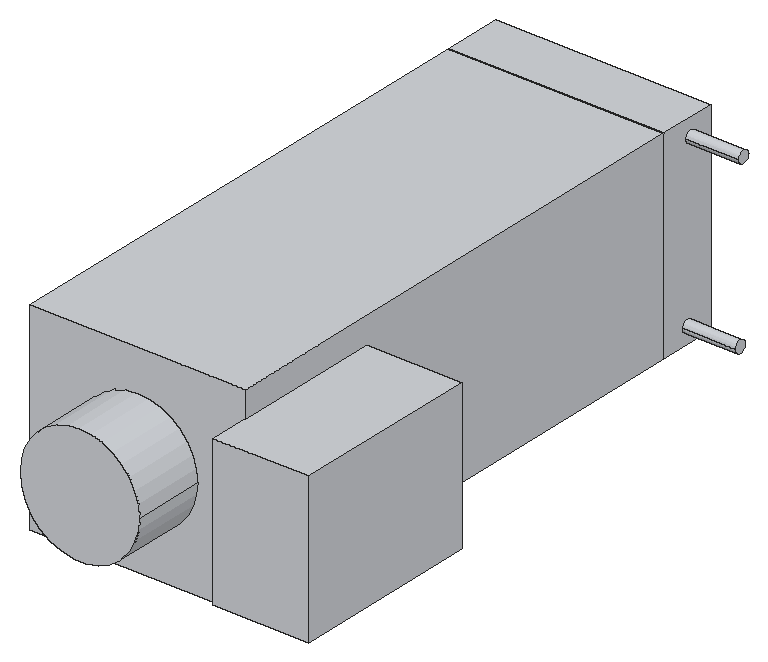
Revit family "EZTA+WITH 1 ROW HWC", category Mechanical Equipment, Revit 2018
Family settings
  Round Connector Dimension = Use Diameter
  Part Type = Normal
  OmniClass Number = 23.75.00.00
  OmniClass Title = Climate Control (HVAC)
  Work Plane-Based = No
  Always vertical = Yes
  Cut with Voids When Loaded = No
  Shared = No
  Room Calculation Point = No
Parameters (values of type "EZTA+0912 W/1 Coil RH W/RH Controller")
  Width = 1' - 4"
  URL = "https://www.anemostat-hvac.com/"
  RightController = yes
  Power Right Controller = yes
  Power Left Controller = no
  PipeVTwo = 0' - 1 1/4"
  PipeVOne = 0' - 1 1/4"
  PipeTwoRH = yes
  PipeTwoLH = no
  PipeRad = PipeDia / 2  # 0' - 0 7/16"
  PipeOneRH = yes
  PipeOneLH = no
  PipeLength = 0' - 4"
  PipeHTwo = 0' - 2 5/32"
  PipeHOne = Coil / 2.05 + Discharge  # 0' - 2.45427"
  PipeDia = 0' - 0 7/8"
  Model = "EZTA+"
  Manufacturer = "ANEMOSTAT PRODUCTS"
  Length = 3' - 3 1/2"
  LeftController = no
  Inlet_S = 0' - 5 3/8"
  InletRadius = InletDia / 2  # 0' - 4 7/16"
  InletDia = 0' - 8 7/8"
  Height = 1' - 3"
  HWCSlipDrive = 3' - 7 1/4"
  HWCOverlap = 0' - 0 5/8"
  EnslosureRear = 1' - 2 7/32"
  EnclosureWidth = 0' - 7 1/8"
  EnclosureHeight = 0' - 11 3/32"
  EnclosureFront = 0' - 3"
  EnclosureCenter = Height / 2  # 0' - 7 1/2"
  DischargeY = Height - 0' 1 1/4"  # 1' - 1 3/4"
  DischargeX = Width - 0' 1 1/4"  # 1' - 2 3/4"
  Discharge = 0' - 0 5/8"
  Description = "EZTA+ W/ Hot Water Heating Coil"
  Coil = HWCSlipDrive - Length  # 0' - 3 3/4"
Types (48): name | Width | RightController | Power Right Controller | Power Left Controller | PipeTwoRH | PipeTwoLH | PipeRad | PipeOneRH | PipeOneLH | PipeHOne | PipeDia | Model | LeftController | InletRadius | InletDia | Height | HWCSlipDrive | EnclosureCenter | DischargeY | DischargeX | Description | Coil
  EZTA+0508 W/1 Coil LH NO Controller | 1' - 0" | no | no | no | no | yes | 0' - 0 1/4" | no | yes | 0' - 2.45427" | 0' - 0 1/2" | "EZTA+" | no | 0' - 2 7/16" | 0' - 4 7/8" | 0' - 10" | 3' - 7 1/4" | 0' - 5" | 0' - 8 3/4" | 0' - 10 3/4" | "EZTA+ W/ Hot Water Heating Coil" | 0' - 3 3/4"
  EZTA+0508 W/1 Coil RH NO Controller | 1' - 0" | no | no | no | yes | no | 0' - 0 1/4" | yes | no | 0' - 2.45427" | 0' - 0 1/2" | "EZTA+" | no | 0' - 2 7/16" | 0' - 4 7/8" | 0' - 10" | 3' - 7 1/4" | 0' - 5" | 0' - 8 3/4" | 0' - 10 3/4" | "EZTA+ W/ Hot Water Heating Coil" | 0' - 3 3/4"
  EZTA+0608 W/1 Coil LH NO Controller | 1' - 0" | no | no | no | no | yes | 0' - 0 1/4" | no | yes | 0' - 2.45427" | 0' - 0 1/2" | "EZTA+" | no | 0' - 2 15/16" | 0' - 5 7/8" | 0' - 10" | 3' - 7 1/4" | 0' - 5" | 0' - 8 3/4" | 0' - 10 3/4" | "EZTA+ W/ Hot Water Heating Coil" | 0' - 3 3/4"
  EZTA+0608 W/1 Coil RH NO Controller | 1' - 0" | no | no | no | yes | no | 0' - 0 1/4" | yes | no | 0' - 2.45427" | 0' - 0 1/2" | "EZTA+" | no | 0' - 2 15/16" | 0' - 5 7/8" | 0' - 10" | 3' - 7 1/4" | 0' - 5" | 0' - 8 3/4" | 0' - 10 3/4" | "EZTA+ W/ Hot Water Heating Coil" | 0' - 3 3/4"
  EZTA+0508 W/1 Coil LH W/LH Controller | 1' - 0" | no | no | yes | no | yes | 0' - 0 1/4" | no | yes | 0' - 2.45427" | 0' - 0 1/2" | "EZTA W/Integral Sound Attenuator" | yes | 0' - 2 7/16" | 0' - 4 7/8" | 0' - 10" | 3' - 7 1/4" | 0' - 5" | 0' - 8 3/4" | 0' - 10 3/4" | "EZTA W/ Hot Water Heating Coil" | 0' - 3 3/4"
  EZTA+0608 W/1 Coil LH W/LH Controller | 1' - 0" | no | no | yes | no | yes | 0' - 0 1/4" | no | yes | 0' - 2.45427" | 0' - 0 1/2" | "EZTA W/Integral Sound Attenuator" | yes | 0' - 2 15/16" | 0' - 5 7/8" | 0' - 10" | 3' - 7 1/4" | 0' - 5" | 0' - 8 3/4" | 0' - 10 3/4" | "EZTA W/ Hot Water Heating Coil" | 0' - 3 3/4"
  EZTA+0508 W/1 Coil LH W/RH Controller | 1' - 0" | yes | yes | no | no | yes | 0' - 0 1/4" | no | yes | 0' - 2.45427" | 0' - 0 1/2" | "EZTA W/Integral Sound Attenuator" | no | 0' - 2 7/16" | 0' - 4 7/8" | 0' - 10" | 3' - 7 1/4" | 0' - 5" | 0' - 8 3/4" | 0' - 10 3/4" | "EZTA W/ Hot Water Heating Coil" | 0' - 3 3/4"
  EZTA+0608 W/1 Coil LH W/RH Controller | 1' - 0" | yes | yes | no | no | yes | 0' - 0 1/4" | no | yes | 0' - 2.45427" | 0' - 0 1/2" | "EZTA W/Integral Sound Attenuator" | no | 0' - 2 15/16" | 0' - 5 7/8" | 0' - 10" | 3' - 7 1/4" | 0' - 5" | 0' - 8 3/4" | 0' - 10 3/4" | "EZTA W/ Hot Water Heating Coil" | 0' - 3 3/4"
  EZTA+0508 W/1 Coil RH W/LH Controller | 1' - 0" | no | no | yes | yes | no | 0' - 0 1/4" | yes | no | 0' - 2.45427" | 0' - 0 1/2" | "EZTA W/Integral Sound Attenuator" | yes | 0' - 2 7/16" | 0' - 4 7/8" | 0' - 10" | 3' - 7 1/4" | 0' - 5" | 0' - 8 3/4" | 0' - 10 3/4" | "EZTA W/ Hot Water Heating Coil" | 0' - 3 3/4"
  EZTA+0608 W/1 Coil RH W/LH Controller | 1' - 0" | no | no | yes | yes | no | 0' - 0 1/4" | yes | no | 0' - 2.45427" | 0' - 0 1/2" | "EZTA W/Integral Sound Attenuator" | yes | 0' - 2 15/16" | 0' - 5 7/8" | 0' - 10" | 3' - 7 1/4" | 0' - 5" | 0' - 8 3/4" | 0' - 10 3/4" | "EZTA W/ Hot Water Heating Coil" | 0' - 3 3/4"
  EZTA+0508 W/1 Coil RH W/RH Controller | 1' - 0" | yes | yes | no | yes | no | 0' - 0 1/4" | yes | no | 0' - 2.45427" | 0' - 0 1/2" | "EZTA W/Integral Sound Attenuator" | no | 0' - 2 7/16" | 0' - 4 7/8" | 0' - 10" | 3' - 7 1/4" | 0' - 5" | 0' - 8 3/4" | 0' - 10 3/4" | "EZTA W/ Hot Water Heating Coil" | 0' - 3 3/4"
  EZTA+0608 W/1 Coil RH W/RH Controller | 1' - 0" | yes | yes | no | yes | no | 0' - 0 1/4" | yes | no | 0' - 2.45427" | 0' - 0 1/2" | "EZTA W/Integral Sound Attenuator" | no | 0' - 2 15/16" | 0' - 5 7/8" | 0' - 10" | 3' - 7 1/4" | 0' - 5" | 0' - 8 3/4" | 0' - 10 3/4" | "EZTA W/ Hot Water Heating Coil" | 0' - 3 3/4"
  EZTA+0710 W/1 Coil LH NO Controller | 1' - 2" | no | no | no | no | yes | 0' - 0 1/4" | no | yes | 0' - 2.45427" | 0' - 0 1/2" | "EZTA+" | no | 0' - 3 7/16" | 0' - 6 7/8" | 1' - 0 1/2" | 3' - 7 1/4" | 0' - 6 1/4" | 0' - 11 1/4" | 1' - 0 3/4" | "EZTA+ W/ Hot Water Heating Coil" | 0' - 3 3/4"
  EZTA+0810 W/1 Coil LH NO Controller | 1' - 2" | no | no | no | no | yes | 0' - 0 1/4" | no | yes | 0' - 2.45427" | 0' - 0 1/2" | "EZTA+" | no | 0' - 3 15/16" | 0' - 7 7/8" | 1' - 0 1/2" | 3' - 7 1/4" | 0' - 6 1/4" | 0' - 11 1/4" | 1' - 0 3/4" | "EZTA+ W/ Hot Water Heating Coil" | 0' - 3 3/4"
  EZTA+0710 W/1 Coil RH NO Controller | 1' - 2" | no | no | no | yes | no | 0' - 0 1/4" | yes | no | 0' - 2.45427" | 0' - 0 1/2" | "EZTA+" | no | 0' - 3 7/16" | 0' - 6 7/8" | 1' - 0 1/2" | 3' - 7 1/4" | 0' - 6 1/4" | 0' - 11 1/4" | 1' - 0 3/4" | "EZTA+ W/ Hot Water Heating Coil" | 0' - 3 3/4"
  EZTA+0810 W/1 Coil RH NO Controller | 1' - 2" | no | no | no | yes | no | 0' - 0 1/4" | yes | no | 0' - 2.45427" | 0' - 0 1/2" | "EZTA+" | no | 0' - 3 15/16" | 0' - 7 7/8" | 1' - 0 1/2" | 3' - 7 1/4" | 0' - 6 1/4" | 0' - 11 1/4" | 1' - 0 3/4" | "EZTA+ W/ Hot Water Heating Coil" | 0' - 3 3/4"
  EZTA+0710 W/1 Coil LH W/LH Controller | 1' - 2" | no | no | yes | no | yes | 0' - 0 1/4" | no | yes | 0' - 2.45427" | 0' - 0 1/2" | "EZTA+" | yes | 0' - 3 7/16" | 0' - 6 7/8" | 1' - 0 1/2" | 3' - 7 1/4" | 0' - 6 1/4" | 0' - 11 1/4" | 1' - 0 3/4" | "EZTA+ W/ Hot Water Heating Coil" | 0' - 3 3/4"
  EZTA+0810 W/1 Coil LH W/LH Controller | 1' - 2" | no | no | yes | no | yes | 0' - 0 1/4" | no | yes | 0' - 2.45427" | 0' - 0 1/2" | "EZTA+" | yes | 0' - 3 15/16" | 0' - 7 7/8" | 1' - 0 1/2" | 3' - 7 1/4" | 0' - 6 1/4" | 0' - 11 1/4" | 1' - 0 3/4" | "EZTA+ W/ Hot Water Heating Coil" | 0' - 3 3/4"
  EZTA+0710 W/1 Coil LH W/RH Controller | 1' - 2" | yes | yes | no | no | yes | 0' - 0 1/4" | no | yes | 0' - 2.45427" | 0' - 0 1/2" | "EZTA+" | no | 0' - 3 7/16" | 0' - 6 7/8" | 1' - 0 1/2" | 3' - 7 1/4" | 0' - 6 1/4" | 0' - 11 1/4" | 1' - 0 3/4" | "EZTA+ W/ Hot Water Heating Coil" | 0' - 3 3/4"
  EZTA+0810 W/1 Coil LH W/RH Controller | 1' - 2" | yes | yes | no | no | yes | 0' - 0 1/4" | no | yes | 0' - 2.45427" | 0' - 0 1/2" | "EZTA+" | no | 0' - 3 15/16" | 0' - 7 7/8" | 1' - 0 1/2" | 3' - 7 1/4" | 0' - 6 1/4" | 0' - 11 1/4" | 1' - 0 3/4" | "EZTA+ W/ Hot Water Heating Coil" | 0' - 3 3/4"
  EZTA+0710 W/1 Coil RH W/LH Controller | 1' - 2" | no | no | yes | yes | no | 0' - 0 1/4" | yes | no | 0' - 2.45427" | 0' - 0 1/2" | "EZTA+" | yes | 0' - 3 7/16" | 0' - 6 7/8" | 1' - 0 1/2" | 3' - 7 1/4" | 0' - 6 1/4" | 0' - 11 1/4" | 1' - 0 3/4" | "EZTA+ W/ Hot Water Heating Coil" | 0' - 3 3/4"
  EZTA+0810 W/1 Coil RH W/LH Controller | 1' - 2" | no | no | yes | yes | no | 0' - 0 1/4" | yes | no | 0' - 2.45427" | 0' - 0 1/2" | "EZTA+" | yes | 0' - 3 15/16" | 0' - 7 7/8" | 1' - 0 1/2" | 3' - 7 1/4" | 0' - 6 1/4" | 0' - 11 1/4" | 1' - 0 3/4" | "EZTA+ W/ Hot Water Heating Coil" | 0' - 3 3/4"
  EZTA+0710 W/1 Coil RH W/RH Controller | 1' - 2" | yes | yes | no | yes | no | 0' - 0 1/4" | yes | no | 0' - 2.45427" | 0' - 0 1/2" | "EZTA+" | no | 0' - 3 7/16" | 0' - 6 7/8" | 1' - 0 1/2" | 3' - 7 1/4" | 0' - 6 1/4" | 0' - 11 1/4" | 1' - 0 3/4" | "EZTA+ W/ Hot Water Heating Coil" | 0' - 3 3/4"
  EZTA+0810 W/1 Coil RH W/RH Controller | 1' - 2" | yes | yes | no | yes | no | 0' - 0 1/4" | yes | no | 0' - 2.45427" | 0' - 0 1/2" | "EZTA+" | no | 0' - 3 15/16" | 0' - 7 7/8" | 1' - 0 1/2" | 3' - 7 1/4" | 0' - 6 1/4" | 0' - 11 1/4" | 1' - 0 3/4" | "EZTA+ W/ Hot Water Heating Coil" | 0' - 3 3/4"
  EZTA+0912 W/1 Coil LH NO Controller | 1' - 4" | no | no | no | no | yes | 0' - 0 7/16" | no | yes | 0' - 2.45427" | 0' - 0 7/8" | "EZTA+" | no | 0' - 4 7/16" | 0' - 8 7/8" | 1' - 3" | 3' - 7 1/4" | 0' - 7 1/2" | 1' - 1 3/4" | 1' - 2 3/4" | "EZTA+ W/ Hot Water Heating Coil" | 0' - 3 3/4"
  EZTA+1012 W/1 Coil LH NO Controller | 1' - 4" | no | no | no | no | yes | 0' - 0 7/16" | no | yes | 0' - 2.45427" | 0' - 0 7/8" | "EZTA+" | no | 0' - 4 7/16" | 0' - 8 7/8" | 1' - 3" | 3' - 7 1/4" | 0' - 7 1/2" | 1' - 1 3/4" | 1' - 2 3/4" | "EZTA+ W/ Hot Water Heating Coil" | 0' - 3 3/4"
  EZTA+0912 W/1 Coil RH NO Controller | 1' - 4" | no | no | no | yes | no | 0' - 0 7/16" | yes | no | 0' - 2.45427" | 0' - 0 7/8" | "EZTA+" | no | 0' - 4 7/16" | 0' - 8 7/8" | 1' - 3" | 3' - 7 1/4" | 0' - 7 1/2" | 1' - 1 3/4" | 1' - 2 3/4" | "EZTA+ W/ Hot Water Heating Coil" | 0' - 3 3/4"
  EZTA+1012 W/1 Coil RH NO Controller | 1' - 4" | no | no | no | yes | no | 0' - 0 7/16" | yes | no | 0' - 2.45427" | 0' - 0 7/8" | "EZTA+" | no | 0' - 4 15/16" | 0' - 9 7/8" | 1' - 3" | 3' - 7 1/4" | 0' - 7 1/2" | 1' - 1 3/4" | 1' - 2 3/4" | "EZTA+ W/ Hot Water Heating Coil" | 0' - 3 3/4"
  EZTA+0912 W/1 Coil LH W/LH Controller | 1' - 4" | no | no | yes | no | yes | 0' - 0 7/16" | no | yes | 0' - 2.45427" | 0' - 0 7/8" | "EZTA+" | yes | 0' - 4 7/16" | 0' - 8 7/8" | 1' - 3" | 3' - 7 1/4" | 0' - 7 1/2" | 1' - 1 3/4" | 1' - 2 3/4" | "EZTA+ W/ Hot Water Heating Coil" | 0' - 3 3/4"
  EZTA+1012 W/1 Coil LH W/LH Controller | 1' - 4" | no | no | yes | no | yes | 0' - 0 7/16" | no | yes | 0' - 2.45427" | 0' - 0 7/8" | "EZTA+" | yes | 0' - 4 15/16" | 0' - 9 7/8" | 1' - 3" | 3' - 7 1/4" | 0' - 7 1/2" | 1' - 1 3/4" | 1' - 2 3/4" | "EZTA+ W/ Hot Water Heating Coil" | 0' - 3 3/4"
  EZTA+0912 W/1 Coil LH W/RH Controller | 1' - 4" | yes | yes | no | no | yes | 0' - 0 7/16" | no | yes | 0' - 2.45427" | 0' - 0 7/8" | "EZTA+" | no | 0' - 4 7/16" | 0' - 8 7/8" | 1' - 3" | 3' - 7 1/4" | 0' - 7 1/2" | 1' - 1 3/4" | 1' - 2 3/4" | "EZTA+ W/ Hot Water Heating Coil" | 0' - 3 3/4"
  EZTA+1012 W/1 Coil LH W/RH Controller | 1' - 4" | yes | yes | no | no | yes | 0' - 0 7/16" | no | yes | 0' - 2.45427" | 0' - 0 7/8" | "EZTA+" | no | 0' - 4 15/16" | 0' - 9 7/8" | 1' - 3" | 3' - 7 1/4" | 0' - 7 1/2" | 1' - 1 3/4" | 1' - 2 3/4" | "EZTA+ W/ Hot Water Heating Coil" | 0' - 3 3/4"
  EZTA+0912 W/1 Coil RH W/LH Controller | 1' - 4" | no | no | yes | yes | no | 0' - 0 7/16" | yes | no | 0' - 2.45427" | 0' - 0 7/8" | "EZTA+" | yes | 0' - 4 7/16" | 0' - 8 7/8" | 1' - 3" | 3' - 7 1/4" | 0' - 7 1/2" | 1' - 1 3/4" | 1' - 2 3/4" | "EZTA+ W/ Hot Water Heating Coil" | 0' - 3 3/4"
  EZTA+1012 W/1 Coil RH W/LH Controller | 1' - 4" | no | no | yes | yes | no | 0' - 0 7/16" | yes | no | 0' - 2.45427" | 0' - 0 7/8" | "EZTA+" | yes | 0' - 4 15/16" | 0' - 9 7/8" | 1' - 3" | 3' - 7 1/4" | 0' - 7 1/2" | 1' - 1 3/4" | 1' - 2 3/4" | "EZTA+ W/ Hot Water Heating Coil" | 0' - 3 3/4"
  EZTA+0912 W/1 Coil RH W/RH Controller | 1' - 4" | yes | yes | no | yes | no | 0' - 0 7/16" | yes | no | 0' - 2.45427" | 0' - 0 7/8" | "EZTA+" | no | 0' - 4 7/16" | 0' - 8 7/8" | 1' - 3" | 3' - 7 1/4" | 0' - 7 1/2" | 1' - 1 3/4" | 1' - 2 3/4" | "EZTA+ W/ Hot Water Heating Coil" | 0' - 3 3/4"
  EZTA+1012 W/1 Coil RH W/RH Controller | 1' - 4" | yes | yes | no | yes | no | 0' - 0 7/16" | yes | no | 0' - 2.45427" | 0' - 0 7/8" | "EZTA+" | no | 0' - 4 15/16" | 0' - 9 7/8" | 1' - 3" | 3' - 7 1/4" | 0' - 7 1/2" | 1' - 1 3/4" | 1' - 2 3/4" | "EZTA+ W/ Hot Water Heating Coil" | 0' - 3 3/4"
  EZTA+1214 W/1 Coil LH NO Controller | 1' - 8" | no | no | no | no | yes | 0' - 0 7/16" | no | yes | 0' - 2.45427" | 0' - 0 7/8" | "EZTA+" | no | 0' - 5 15/16" | 0' - 11 7/8" | 1' - 5 1/2" | 3' - 7 1/4" | 0' - 8 3/4" | 1' - 4 1/4" | 1' - 6 3/4" | "EZTA+ W/ Hot Water Heating Coil" | 0' - 3 3/4"
  EZTA+1214 W/1 Coil RH NO Controller | 1' - 8" | no | no | no | yes | no | 0' - 0 7/16" | yes | no | 0' - 2.45427" | 0' - 0 7/8" | "EZTA+" | no | 0' - 5 15/16" | 0' - 11 7/8" | 1' - 5 1/2" | 3' - 7 1/4" | 0' - 8 3/4" | 1' - 4 1/4" | 1' - 6 3/4" | "EZTA+ W/ Hot Water Heating Coil" | 0' - 3 3/4"
  EZTA+1214 W/1 Coil LH W/LH Controller | 1' - 8" | no | no | yes | no | yes | 0' - 0 7/16" | no | yes | 0' - 2.45427" | 0' - 0 7/8" | "EZTA+" | yes | 0' - 5 15/16" | 0' - 11 7/8" | 1' - 5 1/2" | 3' - 7 1/4" | 0' - 8 3/4" | 1' - 4 1/4" | 1' - 6 3/4" | "EZTA+ W/ Hot Water Heating Coil" | 0' - 3 3/4"
  EZTA+1214 W/1 Coil LH W/RH Controller | 1' - 8" | yes | yes | no | no | yes | 0' - 0 7/16" | no | yes | 0' - 2.45427" | 0' - 0 7/8" | "EZTA+" | no | 0' - 5 15/16" | 0' - 11 7/8" | 1' - 5 1/2" | 3' - 7 1/4" | 0' - 8 3/4" | 1' - 4 1/4" | 1' - 6 3/4" | "EZTA+ W/ Hot Water Heating Coil" | 0' - 3 3/4"
  EZTA+1214 W/1 Coil RH W/LH Controller | 1' - 8" | no | no | yes | yes | no | 0' - 0 7/16" | yes | no | 0' - 2.45427" | 0' - 0 7/8" | "EZTA+" | yes | 0' - 5 15/16" | 0' - 11 7/8" | 1' - 5 1/2" | 3' - 7 1/4" | 0' - 8 3/4" | 1' - 4 1/4" | 1' - 6 3/4" | "EZTA+ W/ Hot Water Heating Coil" | 0' - 3 3/4"
  EZTA+1214 W/1 Coil RH W/RH Controller | 1' - 8" | yes | yes | no | yes | no | 0' - 0 7/16" | yes | no | 0' - 2.45427" | 0' - 0 7/8" | "EZTA+" | no | 0' - 5 15/16" | 0' - 11 7/8" | 1' - 5 1/2" | 3' - 7 1/4" | 0' - 8 3/4" | 1' - 4 1/4" | 1' - 6 3/4" | "EZTA+ W/ Hot Water Heating Coil" | 0' - 3 3/4"
  EZTA+1416 W/1 Coil LH NO Controller | 2' - 0" | no | no | no | no | yes | 0' - 0 7/16" | no | yes | 0' - 3.03354" | 0' - 0 7/8" | "EZTA+" | no | 0' - 6 15/16" | 1' - 1 7/8" | 1' - 5 1/2" | 3' - 8 7/16" | 0' - 8 3/4" | 1' - 4 1/4" | 1' - 10 3/4" | "EZTA+ W/ Hot Water Heating Coil" | 0' - 4 15/16"
  EZTA+1416 W/1 Coil RH NO Controller | 2' - 0" | no | no | no | yes | no | 0' - 0 7/16" | yes | no | 0' - 3.03354" | 0' - 0 7/8" | "EZTA+" | no | 0' - 6 15/16" | 1' - 1 7/8" | 1' - 5 1/2" | 3' - 8 7/16" | 0' - 8 3/4" | 1' - 4 1/4" | 1' - 10 3/4" | "EZTA+ W/ Hot Water Heating Coil" | 0' - 4 15/16"
  EZTA+1416 W/1 Coil LH W/LH Controller | 2' - 0" | no | no | yes | no | yes | 0' - 0 7/16" | no | yes | 0' - 3.03354" | 0' - 0 7/8" | "EZTA+" | yes | 0' - 6 15/16" | 1' - 1 7/8" | 1' - 5 1/2" | 3' - 8 7/16" | 0' - 8 3/4" | 1' - 4 1/4" | 1' - 10 3/4" | "EZTA+ W/ Hot Water Heating Coil" | 0' - 4 15/16"
  EZTA+1416 W/1 Coil LH W/RH Controller | 2' - 0" | yes | yes | no | no | yes | 0' - 0 7/16" | no | yes | 0' - 3.03354" | 0' - 0 7/8" | "EZTA+" | no | 0' - 6 15/16" | 1' - 1 7/8" | 1' - 5 1/2" | 3' - 8 7/16" | 0' - 8 3/4" | 1' - 4 1/4" | 1' - 10 3/4" | "EZTA+ W/ Hot Water Heating Coil" | 0' - 4 15/16"
  EZTA+1416 W/1 Coil RH W/LH Controller | 2' - 0" | no | no | yes | yes | no | 0' - 0 7/16" | yes | no | 0' - 3.03354" | 0' - 0 7/8" | "EZTA+" | yes | 0' - 6 15/16" | 1' - 1 7/8" | 1' - 5 1/2" | 3' - 8 7/16" | 0' - 8 3/4" | 1' - 4 1/4" | 1' - 10 3/4" | "EZTA+ W/ Hot Water Heating Coil" | 0' - 4 15/16"
  EZTA+1416 W/1 Coil RH W/RH Controller | 2' - 0" | yes | yes | no | yes | no | 0' - 0 7/16" | yes | no | 0' - 3.03354" | 0' - 0 7/8" | "EZTA+" | no | 0' - 6 15/16" | 1' - 1 7/8" | 1' - 5 1/2" | 3' - 8 7/16" | 0' - 8 3/4" | 1' - 4 1/4" | 1' - 10 3/4" | "EZTA+ W/ Hot Water Heating Coil" | 0' - 4 15/16"
Reference planes (in)
  plane 1 "Center (Front/Back)": y = 0
  plane 2: z = 0
  plane 3 "Center (Left/Right)": x = 0
  plane 4 "RightSide": x = 8
  plane 5 "LeftSide": x = -8
  plane 6 "InletSide": y = -19.75
  plane 7: y = -8.53125
  plane 8 "EnclosureFront": y = -22.75
  plane 9: x = 15.125
  plane 10: x = -15.125
  plane 11 "DischargeSide": y = 19.75
  plane 12: y = 19.125
  plane 13: z = 15
  plane 14: z = 7.5
  plane 15: z = 13.04687
  plane 16: z = 1.95313
  plane 17: x = 7.375
  plane 18: x = -7.375
  plane 19: z = 14.375
  plane 20: z = 0.625
  plane 21: y = 18.5
  plane 22 "HWC SlipNDrive": y = 23.5
  plane 23: z = 1.25
  plane 24: y = 21.28125
  plane 25: y = 21.57927
  plane 26: z = 13.75
Forms (in)
  Extrusion 1, solid
    sketch origin (0, 0, 0) x (1, 0, 0) y (0, 1, 0)
      loop
        line (8, 19.125) -> (-8, 19.125) -> (-8, -19.75) -> (8, -19.75) -> (8, 19.125)
    from 0 to 15
  Extrusion 2, solid
    sketch origin (0, -19.75, 0) x (1, 0, 0) y (0, 0, 1)
      loop
        circle (0, 7.5) r 4.4375
    from 0 to 5.375 <- "Inlet_S"
  Extrusion 3, solid
    sketch origin (0, 19.75, 0) x (1, 0, 0) y (0, 0, 1)
      loop
        line (-7.375, 14.375) -> (-7.375, 0.625) -> (7.375, 0.625) -> (7.375, 14.375) -> (-7.375, 14.375)
    from 0 to 0.625 <- "Discharge"
  Extrusion 4, solid
    sketch origin (0, 0, 0) x (1, 0, 0) y (0, 1, 0)
      loop
        line (8, 23.5) -> (-8, 23.5) -> (-8, 19.125) -> (8, 19.125) -> (8, 23.5)
    from 0 to 15 <- "Height"
  Extrusion 5, solid, visible <- "PipeOneRH"
    sketch origin (8, 0, 0) x (0, -1, 0) y (0, 0, -1)
      loop
        circle (-21.57927, -13.75) r 0.4375
    from 0 to 4 <- "PipeLength"
  Extrusion 6, solid, visible <- "PipeTwoRH"
    sketch origin (8, 0, 0) x (0, -1, 0) y (0, 0, -1)
      loop
        circle (-21.28125, -1.25) r 0.4375
    from 0 to 4 <- "PipeLength"
  Extrusion 7, solid, visible <- "PipeOneLH"
    sketch origin (-8, 0, 0) x (0, 1, 0) y (0, 0, -1)
      loop
        circle (21.57927, -13.75) r 0.4375
    from 0 to 4 <- "PipeLength"
  Extrusion 8, solid, visible <- "PipeTwoLH"
    sketch origin (-8, 0, 0) x (0, 1, 0) y (0, 0, -1)
      loop
        circle (21.28125, -1.25) r 0.4375
    from 0 to 4 <- "PipeLength"
Dimensions and locks (in)
  equal spacing: plane 5 "LeftSide", plane 3 "Center (Left/Right)", plane 4 "RightSide"
  "EnclosureFront": plane 8 "EnclosureFront" to plane 6 "InletSide"
  "Width": plane 5 "LeftSide" to plane 4 "RightSide"
  "EnclosureWidth": plane 4 "RightSide" to plane 9
  "EnclosureWidth": plane 10 to plane 5 "LeftSide"
  equal spacing: plane 11 "DischargeSide", plane 1 "Center (Front/Back)", plane 6 "InletSide"
  "Length": plane 11 "DischargeSide" to plane 6 "InletSide"
  "EnslosureRear": plane 7 to plane 8 "EnclosureFront"
  "Discharge": plane 12 to plane 11 "DischargeSide"
  equal spacing: plane 15, plane 14, plane 16
  "EnclosureHeight": plane 15 to plane 16
  "EnclosureCenter": plane 14 to level
  "Height": plane 13 to level
  equal spacing: plane 17, plane 3 "Center (Left/Right)", plane 18
  "DischargeX": plane 17 to plane 18
  "Discharge": plane 13 to plane 19
  "Discharge": plane 20 to level
  plane 6 "InletSide" to plane 11 "DischargeSide" = 3' - 3 1/2"
  "HWCOverlap": plane 21 to plane 12
  "HWCSlipDrive": plane 22 "HWC SlipNDrive" to plane 6 "InletSide"
  "PipeHTwo": plane 24 to plane 12
  "PipeVTwo": plane 23 to level
  "PipeHOne": plane 25 to plane 12
  "PipeVOne": plane 13 to plane 26
  "InletRadius": radius of Extrusion 2 sketch curve
  "PipeRad": radius of Extrusion 5 sketch curve
  "PipeRad": radius of Extrusion 6 sketch curve
  "PipeRad": radius of Extrusion 7 sketch curve
  "PipeRad": radius of Extrusion 8 sketch curve
  aligned and locked: level to plane 2
  aligned and locked: plane 12 to Extrusion 1 sketch curve
  aligned and locked: plane 4 "RightSide" to Extrusion 1 sketch curve
  aligned and locked: plane 6 "InletSide" to Extrusion 1 sketch curve
  aligned and locked: plane 5 "LeftSide" to Extrusion 1 sketch curve
  aligned and locked: plane 13 to Extrusion 1
  aligned and locked: plane 19 to Extrusion 3 sketch curve
  aligned and locked: Extrusion 3 sketch curve to plane 18
  aligned and locked: plane 20 to Extrusion 3 sketch curve
  aligned and locked: Extrusion 3 sketch curve to plane 17
  aligned and locked: nested 1 to plane 7
  aligned and locked: plane 4 "RightSide" to nested 1
  aligned and locked: nested 2 to plane 5 "LeftSide"
  aligned and locked: nested 2 to plane 7
  aligned and locked: plane 22 "HWC SlipNDrive" to Extrusion 4 sketch curve
  aligned and locked: plane 4 "RightSide" to Extrusion 4 sketch curve
  aligned and locked: Extrusion 4 sketch curve to Extrusion 1  (x2)
Automatic sketch dimensions
  Extrusion 2 sketch curve to plane 3 "Center (Left/Right)" = 0' - 0"
  Extrusion 2 sketch curve to plane 14 = 0' - 0"
  Extrusion 5 sketch curve to plane 25 = 0' - 0"
  Extrusion 5 sketch curve to plane 26 = 0' - 0"
  Extrusion 6 sketch curve to plane 23 = 0' - 0"
  Extrusion 6 sketch curve to plane 24 = 0' - 0"
  Extrusion 7 sketch curve to plane 25 = 0' - 0"
  Extrusion 7 sketch curve to plane 26 = 0' - 0"
  Extrusion 8 sketch curve to plane 23 = 0' - 0"
  Extrusion 8 sketch curve to plane 24 = 0' - 0"
Nested families (in)
  nested 1: "ControlEnclosure" at (8, -9.91058, 0), visible <- "RightController", type "Inlet Size 10 Enclosure Left"
    with Height 1' - 3", EnclosureWidth 0' - 7 1/8", EnclosureHeight 0' - 11 3/32", EnclosureCenter 0' - 7 1/2"
  nested 2: "ControlEnclosure" at (-8, -9.91058, 0) x (-1, 0, 0) z (0, 0, 1), visible <- "LeftController", type "Inlet Size 10 Enclosure Left"
    with Height 1' - 3", EnclosureWidth 0' - 7 1/8", EnclosureHeight 0' - 11 3/32", EnclosureCenter 0' - 7 1/2"
Connectors (in)
  hvac at (0, -25.125, 7.5), driven by "InletDia"
    settings: on Extrusion 2, index 1, duct flow 0 CFM, flow factor 0, pres drop 0.00 in-wg, loss coef 0, conn angle 0.00°, conn width 12", conn height 12", conn diameter 8 7/8", duct sys type 1, conn prof type 0, flow config 0, flow direction 1, loss method 0, conn ref index -1, conn util no, is conn primary yes, conn desc ""
  electrical at (-15.125, -15.64062, 7.5), driven by "Power Left Controller"
    settings: on nested 2, index 2, voltage 0 V, apparent load 0 VA, apparent load phase1 0 VA, apparent load phase2 0 VA, apparent load phase3 0 VA, power factor 1, load classification "Other", number of poles 1, system type 31, power factor state 1, is connector primary yes, connector utility no, sub classification motor no, connector description ""
  hvac at (0, 23.5, 7.5), driven by "Height", driven by "Width"
    settings: on Extrusion 4, index 3, duct flow 0 CFM, flow factor 0, pres drop 0.00 in-wg, loss coef 0, conn angle 0.00°, conn width 16", conn height 15", conn diameter 24", duct sys type 3, conn prof type 1, flow config 0, flow direction 0, loss method 0, conn ref index -1, conn util no, is conn primary no, conn desc ""
  piping at (-12, 21.57927, 13.75), diameter 0.875, driven by "PipeDia", driven by "PipeOneLH"
    settings: on Extrusion 7, index 4, connector inside diameter 24", connector length 0' - 0", flow factor 0, pipe flow 0 GPM, pressure drop 0.00 psi, fitting loss kfactor 0, connector angle 0.00°, fixture units 0, engagement length 0' - 0", angle of deflection 0.00°, flow configuration 0, flow direction 2, fitting loss method 0, system type 8, joint type 0, gender type 0, connector reference index -1, connector utility 0, adjustable connector no, is connector primary yes, connector description ""
  piping at (-12, 21.28125, 1.25), diameter 0.875, driven by "PipeDia", driven by "PipeTwoLH"
    settings: on Extrusion 8, index 5, connector inside diameter 24", connector length 0' - 0", flow factor 0, pipe flow 0 GPM, pressure drop 0.00 psi, fitting loss kfactor 0, connector angle 0.00°, fixture units 0, engagement length 0' - 0", angle of deflection 0.00°, flow configuration 0, flow direction 1, fitting loss method 0, system type 7, joint type 0, gender type 0, connector reference index -1, connector utility 0, adjustable connector no, is connector primary no, connector description ""
  piping at (12, 21.57927, 13.75), diameter 0.875, driven by "PipeDia", driven by "PipeOneRH"
    settings: on Extrusion 5, index 6, connector inside diameter 24", connector length 0' - 0", flow factor 0, pipe flow 0 GPM, pressure drop 0.00 psi, fitting loss kfactor 0, connector angle 0.00°, fixture units 0, engagement length 0' - 0", angle of deflection 0.00°, flow configuration 0, flow direction 2, fitting loss method 0, system type 8, joint type 0, gender type 0, connector reference index -1, connector utility 1, adjustable connector no, is connector primary no, connector description ""
  piping at (12, 21.28125, 1.25), diameter 0.875, driven by "PipeDia", driven by "PipeTwoRH"
    settings: on Extrusion 6, index 7, connector inside diameter 24", connector length 0' - 0", flow factor 0, pipe flow 0 GPM, pressure drop 0.00 psi, fitting loss kfactor 0, connector angle 0.00°, fixture units 0, engagement length 0' - 0", angle of deflection 0.00°, flow configuration 0, flow direction 1, fitting loss method 0, system type 7, joint type 0, gender type 0, connector reference index -1, connector utility 1, adjustable connector no, is connector primary no, connector description ""
  electrical at (15.125, -15.64062, 7.5), driven by "Power Right Controller"
    settings: on nested 1, index 8, voltage 0 V, apparent load 0 VA, apparent load phase1 0 VA, apparent load phase2 0 VA, apparent load phase3 0 VA, power factor 1, load classification "Other", number of poles 1, system type 31, power factor state 1, is connector primary no, connector utility yes, sub classification motor no, connector description ""
Definition of nested family "ControlEnclosure"
  Parameters (values of type "Enclosure")
    Width = 1' - 2"
    Lenght = 1' - 2 1/2"
    Height = 1' - 0 1/2"
    EnslosureRear = 1' - 2 7/32"
    EnclosureWidth = 0' - 7 1/8"
    EnclosureHeight = 0' - 11 3/32"
    EnclosureFront = 0' - 3"
    EnclosureCenter = Height / 2  # 0' - 6 1/4"
    DischargeY = 0' - 11 1/4"
    DischargeX = 1' - 0 3/4"
    Discharge = 0' - 0 5/8"
  Types (3): name | EnclosureWidth | EnclosureHeight
    Inlet Size 10 Enclosure Left | 0' - 11 3/32" | 0' - 7 1/8"
    Inlet Size 10 Enclosure Right | 0' - 7 1/8" | 0' - 6.00967"
    Enclosure | 0' - 7 1/8" | 0' - 11 3/32"
  Reference planes (in)
    plane 1 "Center (Front/Back)": y = 0
    plane 2: z = 0
    plane 3 "Center (Left/Right)": x = 0
    plane 4: x = 7
    plane 5: x = -7
    plane 6: y = -7.25
    plane 7: y = 1.37933
    plane 8: y = -12.83942
    plane 9 "EnclosureSide": x = 14.125
    plane 10: x = -14.125
    plane 11: y = 7.25
    plane 12: y = 6.625
    plane 13: z = 6.25
    plane 14: z = 11.79688
    plane 15: z = 0.70313
  Forms (in)
    Extrusion 1, solid
      sketch origin (0, 0, 0) x (0, 1, 0) y (0, 0, 1)
        loop
          line (1.37933, 11.79688) -> (-12.83942, 11.79688) -> (-12.83942, 0.70313) -> (1.37933, 0.70313) -> (1.37933, 11.79688)
      from 0 to 7.125 <- "EnclosureWidth"
  Dimensions and locks (in)
    equal spacing: plane 5, plane 3 "Center (Left/Right)", plane 4
    plane 8 to plane 6 = 0' - 5.58942"
    "Width": plane 5 to plane 4
    "EnclosureWidth": plane 4 to plane 9 "EnclosureSide"
    "EnclosureWidth": plane 10 to plane 5
    equal spacing: plane 11, plane 1 "Center (Front/Back)", plane 6
    "Lenght": plane 11 to plane 6
    "EnslosureRear": plane 7 to plane 8
    "Discharge": plane 12 to plane 11
    "EnclosureCenter": plane 13 to level
    equal spacing: plane 15, plane 13, plane 14
    "EnclosureHeight": plane 15 to plane 14
    aligned and locked: level to plane 2
    aligned and locked: Extrusion 1 sketch curve to plane 7
    aligned and locked: Extrusion 1 sketch curve to plane 14
    aligned and locked: Extrusion 1 sketch curve to plane 8
    aligned and locked: Extrusion 1 sketch curve to plane 15
